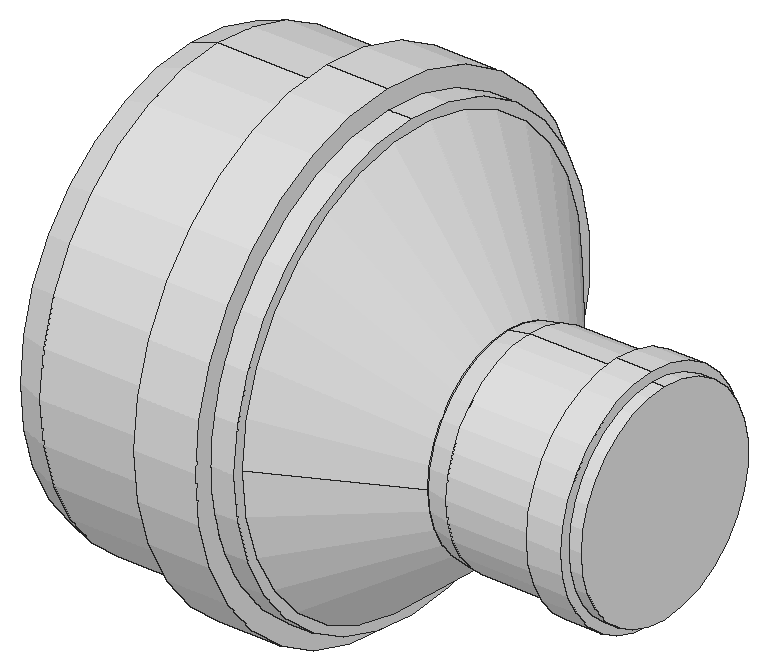
Revit family "EP-Система_Фитинг_НПВХ_Переход", category Соединительные детали трубопроводов, Revit 2019
Family settings
  Размер круглого соединителя = Использовать диаметр
  Тип детали = Переход
  Номер OmniClass = 23.60.30.11.14
  Заголовок OmniClass = Pipework Fittings
  На основе рабочей плоскости = Нет
  Всегда вертикально = Да
  При загрузке вырезать с полостями = Нет
  Общий = Нет
Parameters (values of type "EP-Система")
  Типовой = no
  Раструб Подводящий [instance] = yes
  Поиск в таблице имен 2 = "EP-Система_Фитинг_НПВХ_Переход"
  Поиск в таблице имен = "EP-Система_Фитинг_НПВХ_Переход"
  Таблица коэффициентов K = "Converging/Diverging Tee/Wye"
  Размер засечки1 [instance] = 88 mm
  Размер засечки 2 [instance] = 44 mm
  Наименование [instance] = size_lookup(Поиск в таблице имен, "ADSK_Наименование", "Решение не найдено", ADSK_Диаметр условный, Диаметр условный 1)  # "Переход эксцентрический, DN160х75"
  Метод определения потерь = Табличный коэффициент K
  Материал = 05 Пластик ПВХ Белый
  Assembly Code = ""
  Manufacturer = ""
  Видимость2 [instance] = ADSK_Диаметр условный < Диаметр условный 1  # no
  Видимость1 [instance] = ADSK_Диаметр условный > Диаметр условный 1  # yes
  S [instance] = size_lookup(Поиск в таблице имен, "S", ADSK_Диаметр условный, ADSK_Диаметр условный, Диаметр условный 1)  # 3.2 mm
  L2 [instance] = size_lookup(Поиск в таблице имен, "L2", ADSK_Диаметр условный, ADSK_Диаметр условный, Диаметр условный 1)  # 82 mm
  L1 [instance] = size_lookup(Поиск в таблице имен, "L1", ADSK_Диаметр условный, ADSK_Диаметр условный, Диаметр условный 1)  # 62 mm
  URL = ""
  Z [instance] = size_lookup(Поиск в таблице имен, "Z", ADSK_Диаметр условный, ADSK_Диаметр условный, Диаметр условный 1)  # 36 mm
  Диаметр условный 1 [instance] = 75 mm
  ADSK_Наименование краткое = "Пр."  # constant formula
  ADSK_Наименование [instance] = size_lookup(Поиск в таблице имен, "ADSK_Наименование", "Решение не найдено", ADSK_Диаметр условный, Диаметр условный 1)  # "Переход эксцентрический, DN160х75"
  ADSK_Масса_Текст [instance] = ""
  ADSK_Масса [instance] = size_lookup(Поиск в таблице имен, "Mass", 0, ADSK_Диаметр условный, Диаметр условный 1)  # 0
  ADSK_Марка = ""
  ADSK_Код изделия [instance] = size_lookup(Поиск в таблице имен 2, "ADSK_Код изделия", "Решение не найдено", ADSK_Диаметр условный, Диаметр условный 1)  # "ЕР9150007032"
  ADSK_Завод-изготовитель = "Agpipe"  # constant formula
  ADSK_Единица измерения = "шт."  # constant formula
  ADSK_Диаметр условный [instance] = 160 mm
Reference planes
  plane 1 "По центру (Вперед/Назад)": y = 0
  plane 2: z = 0
  plane 3 "По центру (Влево/Вправо)": x = 0
  plane 4: x = -50
  plane 5: x = 130
  plane 6: x = 48
  plane 7: x = 12
  plane 8: z = -12.5
  plane 9: z = -12.5
Forms (mm)
  Sweep 1, solid, material "05 Пластик ПВХ Белый" <- "Материал", not visible, detail levels fine
    path in 3D
      loop
        line (-50, 0, 0) -> (12, 0, 0)
    profile origin (-19, 0, 0) x (0, 0, 1) y (0, -1, 0)
      loop
        circle (0, 0) r 80
  Sweep 2, solid, material "05 Пластик ПВХ Белый" <- "Материал", not visible, detail levels fine
    path in 3D
      loop
        line (48, 0, -12.5) -> (130, 0, -12.5)
    profile origin (89, 0, -12.5) x (0, 0, 1) y (0, -1, 0)
      loop
        circle (0, 0) r 37.5
  SweptBlend 3, solid, material "05 Пластик ПВХ Белый" <- "Материал", detail levels fine
    path in 3D
      loop
        line (12, 0, 0) -> (48, 0, 0)
    profile origin (12, 0, 0) x (0, 1, 0) y (0, 0, 1)
      loop
        circle (0, 0) r 80
    end profile origin (48, 0, 0) x (0, 1, 0) y (0, 0, 1)
      loop
        circle (0, -12.5) r 37.5
Lines and regions (mm)
  reference lines
    curve 1: line (48, 0, -12.5) -> (130, 0, -12.5)
    curve 2: line (-50, 0, 0) -> (12, 0, 0)
    curve 5: line (12, 0, 0) -> (48, 0, 0)
  sketch lines
    curve 3: line (-50, 0, 0) -> (12, 0, 0)
    curve 4: line (48, 0, -12.5) -> (130, 0, -12.5)
    curve 6: line (12, 0, 0) -> (48, 0, 0)
  model lines, visible <- "Видимость1", detail levels coarse+medium
    curve 7: line (-50, 44, 0) -> (130, 0, 0)
    curve 8: line (130, 0, 0) -> (-50, -44, 0)
    curve 9: line (-50, 44, 0) -> (-50, -44, 0)
  model lines, visible <- "Видимость2", detail levels coarse+medium
    curve 10: line (-50, 0, 0) -> (130, 22, 0)
    curve 11: line (-50, 0, 0) -> (130, -22, 0)
    curve 12: line (130, -22, 0) -> (130, 22, 0)
Dimensions and locks
  plane 8 to level = 12.5 mm
  level to SweptBlend 3 sketch curve = 12.5 mm
  level to plane 9 = 12.5 mm
  "Размер засечки1": curve 9 to curve 9
  equal spacing: curve 9, plane 1 "По центру (Вперед/Назад)", curve 9
  equal spacing: curve 12, plane 1 "По центру (Вперед/Назад)", curve 12
  "Размер засечки 2": curve 12 to curve 12
  "Z": plane 7 to plane 6
  "L2": plane 6 to plane 5
  "L1": plane 4 to plane 7
  "ADSK_Диаметр условный": diameter of Sweep 1 sketch curve
  "ADSK_Диаметр условный": diameter of SweptBlend 3 sketch curve
  "Диаметр условный 1": diameter of SweptBlend 3 sketch curve
  "Диаметр условный 1": diameter of Sweep 2 sketch curve
  aligned and locked: level to plane 2
  aligned and locked: plane 9 to curve 1
  aligned and locked: plane 4 to curve 2
  aligned and locked: curve 2 to plane 2
  aligned and locked: plane 7 to curve 5
  aligned and locked: plane 6 to curve 5
  aligned and locked: plane 1 "По центру (Вперед/Назад)" to curve 5
  aligned and locked: curve 9 to plane 4
  aligned and locked: plane 5 to curve 12
  aligned and locked: plane 7 to nested 1
  aligned and locked: plane 6 to nested 2
  aligned and locked: nested 3 to plane 6
  aligned and locked: nested 4 to plane 7
Automatic sketch dimensions
  curve 2 to plane 7 = 0 mm
  curve 1 to plane 6 = 0 mm
  curve 1 to plane 5 = 0 mm
  plane 1 "По центру (Вперед/Назад)" to curve 7 = 0 mm
  plane 1 "По центру (Вперед/Назад)" to curve 10 = 0 mm
  profile plane to Sweep 1 sketch curve = 0 mm
  Sweep 1 sketch curve to profile plane = 0 mm
  profile plane to Sweep 2 sketch curve = 0 mm
  Sweep 2 sketch curve to profile plane = 0 mm
  SweptBlend 3 sketch curve to profile plane = 0 mm  (x3)
Nested families
  nested 1: "Фитинг_ПП_Раструб(Влож)" at (-71.25, 0, 0), ADSK_Диаметр условный <- "ADSK_Диаметр условный", visible <- "Видимость1", Видимость <- "Видимость1", type "Фитинг_ПП_Раструб(Влож)", detail levels fine
    with Толщина Стенки 2 2.2 mm, Толщина Стенки 1 3.5 mm, Длина 83.25 mm, Диаметр Наружный Трубного Кольца 181 mm, Диаметр Наружный 167 mm, Видимость yes, C 32 mm, B 9 mm, ADSK_Диаметр условный 160 mm, A 41 mm
  nested 2: "Фитинг_ПП_Раструб(Влож)" at (48, 0, -12.5), ADSK_Диаметр условный <- "Диаметр условный 1", visible <- "Видимость1", Видимость <- "Видимость1", type "Фитинг_ПП_Раструб(Влож)", detail levels fine
    with Толщина Стенки 2 1.1 mm, Толщина Стенки 1 1.7 mm, Длина 59.25 mm, Диаметр Наружный Трубного Кольца 85.2 mm, Диаметр Наружный 78.4 mm, Видимость yes, C 18 mm, B 5 mm, ADSK_Диаметр условный 75 mm, A 33 mm
  nested 3: "Фитинг_ПП_Раструб(Влож)" at (107.25, 0, -12.5) x (-1, 0, 0) z (0, 0, 1), ADSK_Диаметр условный <- "Диаметр условный 1", visible <- "Видимость2", Видимость <- "Видимость2", type "Фитинг_ПП_Раструб(Влож)", detail levels fine
    with Толщина Стенки 2 1.1 mm, Толщина Стенки 1 1.7 mm, Длина 59.25 mm, Диаметр Наружный Трубного Кольца 85.2 mm, Диаметр Наружный 78.4 mm, Видимость no, C 18 mm, B 5 mm, ADSK_Диаметр условный 75 mm, A 33 mm
  nested 4: "Фитинг_ПП_Раструб(Влож)" at (12, 0, 0) x (-1, 0, 0) z (0, 0, 1), ADSK_Диаметр условный <- "ADSK_Диаметр условный", visible <- "Видимость2", Видимость <- "Видимость2", type "Фитинг_ПП_Раструб(Влож)", detail levels fine
    with Толщина Стенки 2 2.2 mm, Толщина Стенки 1 3.5 mm, Длина 83.25 mm, Диаметр Наружный Трубного Кольца 181 mm, Диаметр Наружный 167 mm, Видимость no, C 32 mm, B 9 mm, ADSK_Диаметр условный 160 mm, A 41 mm
Connectors
  piping at (12, 0, 0), diameter 160, driven by "ADSK_Диаметр условный"
    settings: on Sweep 1, index 3, connector inside diameter 609.6 mm, connector length 0 mm, flow factor 0, pipe flow 0.0 L/s, pressure drop 0.0 Pa, fitting loss kfactor 0, connector angle 0.00°, fixture units 0, engagement length 0 mm, angle of deflection 0.00°, flow configuration 0, flow direction 0, fitting loss method 0, system type 28, joint type 0, gender type 0, connector reference index 4, connector utility 0, adjustable connector no, is connector primary yes, connector description ""
  piping at (48, 0, -12.5), diameter 75, driven by "Диаметр условный 1"
    settings: on Sweep 2, index 4, connector inside diameter 609.6 mm, connector length 0 mm, flow factor 0, pipe flow 0.0 L/s, pressure drop 0.0 Pa, fitting loss kfactor 0, connector angle 0.00°, fixture units 0, engagement length 0 mm, angle of deflection 0.00°, flow configuration 0, flow direction 0, fitting loss method 0, system type 28, joint type 0, gender type 0, connector reference index 3, connector utility 0, adjustable connector no, is connector primary no, connector description ""
Definition of nested family "Фитинг_ПП_Раструб(Влож)"
  Parameters (values of type "CISP_Фитинг_ПП_Раструб")
    Толщина Стенки 2 [instance] = size_lookup(Поиск в таблице имен, "e3", 1 mm, ADSK_Диаметр условный)  # 1.5 mm
    Толщина Стенки 1 [instance] = size_lookup(Поиск в таблице имен, "e2", 1 mm, ADSK_Диаметр условный)  # 2.4 mm
    Поиск в таблице имен = "CISP_Фитинг_ПП_Раструб"
    Материал = none
    Длина [instance] = A + C + A / 4  # 67 mm
    Диаметр Наружный Трубного Кольца [instance] = ADSK_Диаметр условный + 2 * Толщина Стенки 1 + 4 * Толщина Стенки 1  # 124.4 mm
    Диаметр Наружный [instance] = ADSK_Диаметр условный + 2 * Толщина Стенки 1  # 114.8 mm
    Видимость [instance] = yes
    C [instance] = size_lookup(Поиск в таблице имен, "C", 1 mm, ADSK_Диаметр условный)  # 22 mm
    B [instance] = size_lookup(Поиск в таблице имен, "B", 1 mm, ADSK_Диаметр условный)  # 6 mm
    ADSK_Диаметр условный [instance] = 110 mm
    A [instance] = size_lookup(Поиск в таблице имен, "A", 1 mm, ADSK_Диаметр условный)  # 36 mm
  Reference planes
    plane 1 "По центру (Вперед/Назад)": y = 0
    plane 2: z = 0
    plane 3 "По центру (Влево/Вправо)": x = 0
    plane 4: x = 67
    plane 5: z = 57.4
    plane 6: z = -57.4
    plane 7: x = 45
    plane 8: x = 61
    plane 9: x = 9
    plane 10: z = 62.2
    plane 11: z = -62.2
    plane 12: z = 55
    plane 13: z = -55
  Forms (mm)
    Sweep 1, solid, material <- "Материал", visible <- "Видимость"
      path origin (0, 0, 0) x (1, 0, 0) y (0, 0, 1)
        loop
          line (9, 0) -> (67, 0)
      profile origin (38, 0, 0) x (0, 0, 1) y (0, -1, 0)
        loop
          circle (0, 0) r 57.4
    SweptBlend 2, solid, material <- "Материал", visible <- "Видимость"
      path origin (0, 0, 0) x (1, 0, 0) y (0, 0, 1)
        loop
          line (0, 0) -> (9, 0)
      profile origin (0, 0, 0) x (0, 0, 1) y (0, -1, 0)
        loop
          circle (0, 0) r 55
      end profile origin (9, 0, 0) x (0, 0, 1) y (0, -1, 0)
        loop
          circle (0, 0) r 57.4
    Sweep 3, solid, material <- "Материал", visible <- "Видимость"
      path origin (0, 0, 0) x (1, 0, 0) y (0, 0, 1)
        loop
          line (45, 0) -> (61, 0)
      profile origin (53, 0, 0) x (0, 0, 1) y (0, -1, 0)
        loop
          circle (0, 0) r 62.2
  Cuts and joins
    joined: Sweep 1, SweptBlend 2, Sweep 3
  Dimensions and locks
    "Длина": plane 4 to plane 3 "По центру (Влево/Вправо)"
    equal spacing: plane 5, level, plane 6
    "Диаметр Наружный": plane 5 to plane 6
    "C": plane 4 to plane 7
    "A": plane 7 to plane 9
    "B": plane 4 to plane 8
    equal spacing: plane 12, level, plane 13
    "ADSK_Диаметр условный": plane 12 to plane 13
    equal spacing: plane 10, level, plane 11
    "Диаметр Наружный Трубного Кольца": plane 10 to plane 11
    "Диаметр Наружный": diameter of Sweep 1 sketch curve
    "ADSK_Диаметр условный": diameter of SweptBlend 2 sketch curve
    "Диаметр Наружный": diameter of SweptBlend 2 sketch curve
    "Диаметр Наружный Трубного Кольца": diameter of Sweep 3 sketch curve
    aligned and locked: level to plane 2
    aligned and locked: plane 9 to Sweep 1 sketch curve
    aligned and locked: Sweep 1 sketch curve to plane 2
    aligned and locked: plane 4 to Sweep 1 sketch curve
    aligned and locked: plane 3 "По центру (Влево/Вправо)" to SweptBlend 2 sketch curve
    aligned and locked: plane 9 to SweptBlend 2 sketch curve
    aligned and locked: SweptBlend 2 sketch curve to level
    aligned and locked: plane 7 to Sweep 3 sketch curve
    aligned and locked: plane 8 to Sweep 3 sketch curve
    aligned and locked: Sweep 3 sketch curve to plane 2
  Automatic sketch dimensions
    Sweep 1 sketch curve to plane 1 "По центру (Вперед/Назад)" = 0 mm
    profile plane to Sweep 1 sketch curve = 0 mm
    SweptBlend 2 sketch curve to plane 1 "По центру (Вперед/Назад)" = 0 mm  (x2)
    profile plane to SweptBlend 2 sketch curve = 0 mm  (x2)
    Sweep 3 sketch curve to plane 1 "По центру (Вперед/Назад)" = 0 mm
    profile plane to Sweep 3 sketch curve = 0 mm
